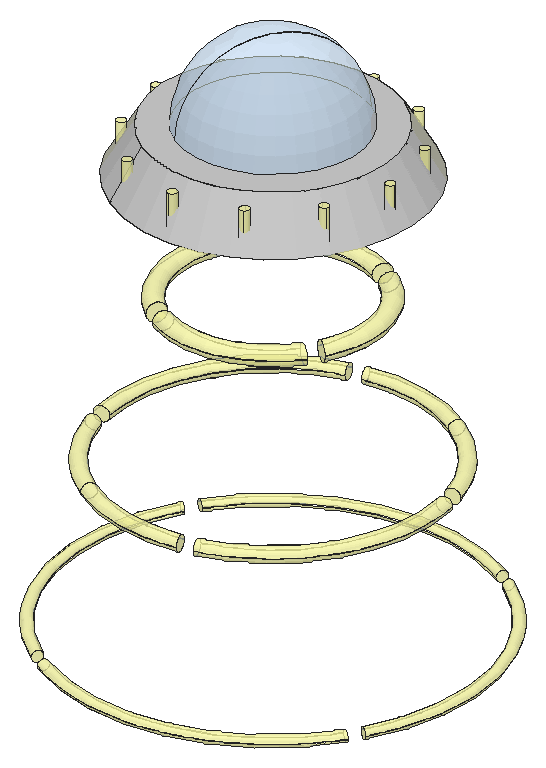
Revit family "UFO", category Generic Models, Revit 2020
Family settings
  Can host rebar = No
  Round Connector Dimension = Use Diameter
  Part Type = Normal
  Work Plane-Based = No
  Always vertical = Yes
  Cut with Voids When Loaded = No
  Shared = No
  Room Calculation Point = No
Parameters (values of type "UFO_main")
  show_beam [instance] = yes
  angle [instance] = 58.00°
  Default Elevation = 0 mm
Reference planes
  plane 1 "Center (Front/Back)": y = 0
  plane 2: z = 0
  plane 3 "Center (Left/Right)": x = 0
Lines and regions (mm)
  reference lines
    curve 1: line (0, 0, 0) -> (1006.847, 1611.291, 0)
Dimensions and locks
  "angle": angle plane 1 "Center (Front/Back)" to curve 1
  aligned and locked: plane 2 to level
  aligned and locked: plane 1 "Center (Front/Back)" to curve 1
  aligned and locked: plane 3 "Center (Left/Right)" to curve 1
Nested families
  nested 1: "UFO_lift" at (0, 0, 0) x (-0.5299, -0.848, 0) z (0.848, -0.5299, 0), show_beam <- "show_beam", type "Family1"
    with show_beam yes
  nested 2: "UFO_unit" at (0, 0, 6000) x (0.5299, 0.848, 0) z (0, 0, 1), type "UFO_unit"
    with show_beam yes
Definition of nested family "UFO_unit"
  Parameters (values of type "UFO_unit")
    show_beam [instance] = yes
    Default Elevation = 0 mm
  Reference planes
    plane 1 "Center (Front/Back)": y = 0
    plane 2: z = 0
    plane 3 "Center (Left/Right)": x = 0
  Forms (mm)
    Blend 1, solid
      base sketch origin (0, 0, 0) x (1, 0, 0) y (0, 1, 0)
        loop
          circle (0, 0) r 1500
      top sketch origin (0, 0, 0) x (1, 0, 0) y (0, 1, 0)
        loop
          circle (0, 0) r 1200
      from 0 to 500
    Revolve 2, solid
      sketch origin (0, 0, 0) x (1, 0, 0) y (0, 0, 1)
        loop
          arc (900, 500) -> (636.396, 1136.396) -> (0, 1400) r 900
          line (0, 1400) -> (0, 500) -> (900, 500)
        axis (0, 1400) -> (0, 500)
      angle from 0 to 360
    Extrusion 3, solid
      sketch origin (-900, 0, 0) x (1, 0, 0) y (0, 1, 0)
        loop
          circle (2234.357, 0) r 50
      from 50 to 400
    Extrusion 4, solid
      sketch origin (-779.423, 450, 0) x (0.866025, -0.5, 0) y (0.5, 0.866025, 0)
        loop
          circle (2234.357, 0) r 50
      from 50 to 400
    Extrusion 5, solid
      sketch origin (-779.423, -450, 0) x (0.866025, 0.5, 0) y (-0.5, 0.866025, 0)
        loop
          circle (2234.357, 0) r 50
      from 50 to 400
    Extrusion 6, solid
      sketch origin (-450, -779.423, 0) x (0.5, 0.866025, 0) y (-0.866025, 0.5, 0)
        loop
          circle (2234.357, 0) r 50
      from 50 to 400
    Extrusion 7, solid
      sketch origin (0, -900, 0) x (0, 1, 0) y (-1, 0, 0)
        loop
          circle (2234.357, 0) r 50
      from 50 to 400
    Extrusion 8, solid
      sketch origin (450, -779.423, 0) x (-0.5, 0.866025, 0) y (-0.866025, -0.5, 0)
        loop
          circle (2234.357, 0) r 50
      from 50 to 400
    Extrusion 9, solid
      sketch origin (779.423, -450, 0) x (-0.866025, 0.5, 0) y (-0.5, -0.866025, 0)
        loop
          circle (2234.357, 0) r 50
      from 50 to 400
    Extrusion 10, solid
      sketch origin (900, 0, 0) x (-1, 0, 0) y (0, -1, 0)
        loop
          circle (2234.357, 0) r 50
      from 50 to 400
    Extrusion 11, solid
      sketch origin (779.423, 450, 0) x (-0.866025, -0.5, 0) y (0.5, -0.866025, 0)
        loop
          circle (2234.357, 0) r 50
      from 50 to 400
    Extrusion 12, solid
      sketch origin (450, 779.423, 0) x (-0.5, -0.866025, 0) y (0.866025, -0.5, 0)
        loop
          circle (2234.357, 0) r 50
      from 50 to 400
    Extrusion 13, solid
      sketch origin (0, 900, 0) x (0, -1, 0) y (1, 0, 0)
        loop
          circle (2234.357, 0) r 50
      from 50 to 400
    Extrusion 14, solid
      sketch origin (-450, 779.423, 0) x (0.5, -0.866025, 0) y (0.866025, 0.5, 0)
        loop
          circle (2234.357, 0) r 50
      from 50 to 400
    Sweep 15, solid, visible <- "show_beam"
      path in 3D
        loop
          arc (-500, 0, 0) -> (0, -500, 0) -> (500, 0, 0) r 500
          arc (500, 0, 0) -> (0, 500, 0) -> (-500, 0, 0) r 500
      profile "profile : DD" origin (0, 500, 0) x (0, -1, 0) y (0, 0, 1)
        loop
          circle (-1629.857, -4421.73) r 60
        loop
          circle (-1183.611, -2822.233) r 80
        loop
          circle (-537.701, -1215.914) r 100
    Extrusion 16, void
      sketch origin (0, 0, 0) x (1, 0, 0) y (0, 1, 0)
        loop
          line (-3806.428, 80) -> (-3806.428, -80) -> (-80, -80) -> (-80, -3806.428) -> (80, -3806.428) -> (80, -80) -> (4573.572, -80) -> (4573.572, 80) -> (80, 80) -> (80, 4573.572) -> (-80, 4573.572) -> (-80, 80) -> (-3806.428, 80)
      from -2322.286 to -536.221
    Extrusion 17, void
      sketch origin (0, 0, 0) x (1, 0, 0) y (0, 1, 0)
        loop
          line (-3806.428, 80) -> (-3806.428, -80) -> (-80, -80) -> (-80, -3806.428) -> (80, -3806.428) -> (80, -80) -> (4573.572, -80) -> (4573.572, 80) -> (80, 80) -> (80, 4573.572) -> (-80, 4573.572) -> (-80, 80) -> (-3806.428, 80)
      from -5455.063 to -3866.147
    Extrusion 18, void
      sketch origin (0, 0, 0) x (0.707107, -0.707107, 0) y (0.707107, 0.707107, 0)
        loop
          line (-3806.428, 80) -> (-3806.428, -80) -> (-80, -80) -> (-80, -3806.428) -> (80, -3806.428) -> (80, -80) -> (4573.572, -80) -> (4573.572, 80) -> (80, 80) -> (80, 4573.572) -> (-80, 4573.572) -> (-80, 80) -> (-3806.428, 80)
      from -3372.62 to -1964.263
  Cuts and joins
    Extrusion 16, Extrusion 17, Extrusion 18 cuts Sweep 15
  Lines and regions (mm)
    reference lines
      curve 1: circle (0, 0, 0) r 500 normal (0, 0, 1)
    sketch lines
      curve 2: circle (0, 0, 0) r 500 normal (0, 0, 1)
  Dimensions and locks
    aligned and locked: plane 2 to level
Definition of nested family "UFO_lift"
  Parameters (values of type "Family1")
    show_beam [instance] = yes
    Default Elevation = 1219.2 mm
  Reference planes
    plane 1 "Center (Front/Back)": y = 0
    plane 2: z = 0
    plane 3 "Center (Left/Right)": x = 0
  Dimensions and locks
    aligned and locked: level to plane 2
  Nested families
    nested 1: "UFO_unit" at (0, -6000, 0) x (-1, 0, 0) z (0, -1, 0), show_beam <- "show_beam", type "UFO_unit"
      with show_beam yes
  Definition of nested family "UFO_unit"
    Parameters (values of type "UFO_unit")
      show_beam [instance] = yes
      Default Elevation = 0 mm
    Reference planes
      plane 1 "Center (Front/Back)": y = 0
      plane 2: z = 0
      plane 3 "Center (Left/Right)": x = 0
    Forms (mm)
      Blend 1, solid
        base sketch origin (0, 0, 0) x (1, 0, 0) y (0, 1, 0)
          loop
            circle (0, 0) r 1500
        top sketch origin (0, 0, 0) x (1, 0, 0) y (0, 1, 0)
          loop
            circle (0, 0) r 1200
        from 0 to 500
      Revolve 2, solid
        sketch origin (0, 0, 0) x (1, 0, 0) y (0, 0, 1)
          loop
            arc (900, 500) -> (636.396, 1136.396) -> (0, 1400) r 900
            line (0, 1400) -> (0, 500) -> (900, 500)
          axis (0, 1400) -> (0, 500)
        angle from 0 to 360
      Extrusion 3, solid
        sketch origin (-900, 0, 0) x (1, 0, 0) y (0, 1, 0)
          loop
            circle (2234.357, 0) r 50
        from 50 to 400
      Extrusion 4, solid
        sketch origin (-779.423, 450, 0) x (0.866025, -0.5, 0) y (0.5, 0.866025, 0)
          loop
            circle (2234.357, 0) r 50
        from 50 to 400
      Extrusion 5, solid
        sketch origin (-779.423, -450, 0) x (0.866025, 0.5, 0) y (-0.5, 0.866025, 0)
          loop
            circle (2234.357, 0) r 50
        from 50 to 400
      Extrusion 6, solid
        sketch origin (-450, -779.423, 0) x (0.5, 0.866025, 0) y (-0.866025, 0.5, 0)
          loop
            circle (2234.357, 0) r 50
        from 50 to 400
      Extrusion 7, solid
        sketch origin (0, -900, 0) x (0, 1, 0) y (-1, 0, 0)
          loop
            circle (2234.357, 0) r 50
        from 50 to 400
      Extrusion 8, solid
        sketch origin (450, -779.423, 0) x (-0.5, 0.866025, 0) y (-0.866025, -0.5, 0)
          loop
            circle (2234.357, 0) r 50
        from 50 to 400
      Extrusion 9, solid
        sketch origin (779.423, -450, 0) x (-0.866025, 0.5, 0) y (-0.5, -0.866025, 0)
          loop
            circle (2234.357, 0) r 50
        from 50 to 400
      Extrusion 10, solid
        sketch origin (900, 0, 0) x (-1, 0, 0) y (0, -1, 0)
          loop
            circle (2234.357, 0) r 50
        from 50 to 400
      Extrusion 11, solid
        sketch origin (779.423, 450, 0) x (-0.866025, -0.5, 0) y (0.5, -0.866025, 0)
          loop
            circle (2234.357, 0) r 50
        from 50 to 400
      Extrusion 12, solid
        sketch origin (450, 779.423, 0) x (-0.5, -0.866025, 0) y (0.866025, -0.5, 0)
          loop
            circle (2234.357, 0) r 50
        from 50 to 400
      Extrusion 13, solid
        sketch origin (0, 900, 0) x (0, -1, 0) y (1, 0, 0)
          loop
            circle (2234.357, 0) r 50
        from 50 to 400
      Extrusion 14, solid
        sketch origin (-450, 779.423, 0) x (0.5, -0.866025, 0) y (0.866025, 0.5, 0)
          loop
            circle (2234.357, 0) r 50
        from 50 to 400
      Sweep 15, solid, visible <- "show_beam"
        path in 3D
          loop
            arc (-500, 0, 0) -> (0, -500, 0) -> (500, 0, 0) r 500
            arc (500, 0, 0) -> (0, 500, 0) -> (-500, 0, 0) r 500
        profile "profile : DD" origin (0, 500, 0) x (0, -1, 0) y (0, 0, 1)
          loop
            circle (-1629.857, -4421.73) r 60
          loop
            circle (-1183.611, -2822.233) r 80
          loop
            circle (-537.701, -1215.914) r 100
      Extrusion 16, void
        sketch origin (0, 0, 0) x (1, 0, 0) y (0, 1, 0)
          loop
            line (-3806.428, 80) -> (-3806.428, -80) -> (-80, -80) -> (-80, -3806.428) -> (80, -3806.428) -> (80, -80) -> (4573.572, -80) -> (4573.572, 80) -> (80, 80) -> (80, 4573.572) -> (-80, 4573.572) -> (-80, 80) -> (-3806.428, 80)
        from -2322.286 to -536.221
      Extrusion 17, void
        sketch origin (0, 0, 0) x (1, 0, 0) y (0, 1, 0)
          loop
            line (-3806.428, 80) -> (-3806.428, -80) -> (-80, -80) -> (-80, -3806.428) -> (80, -3806.428) -> (80, -80) -> (4573.572, -80) -> (4573.572, 80) -> (80, 80) -> (80, 4573.572) -> (-80, 4573.572) -> (-80, 80) -> (-3806.428, 80)
        from -5455.063 to -3866.147
      Extrusion 18, void
        sketch origin (0, 0, 0) x (0.707107, -0.707107, 0) y (0.707107, 0.707107, 0)
          loop
            line (-3806.428, 80) -> (-3806.428, -80) -> (-80, -80) -> (-80, -3806.428) -> (80, -3806.428) -> (80, -80) -> (4573.572, -80) -> (4573.572, 80) -> (80, 80) -> (80, 4573.572) -> (-80, 4573.572) -> (-80, 80) -> (-3806.428, 80)
        from -3372.62 to -1964.263
    Cuts and joins
      Extrusion 16, Extrusion 17, Extrusion 18 cuts Sweep 15
    Lines and regions (mm)
      reference lines
        curve 1: circle (0, 0, 0) r 500 normal (0, 0, 1)
      sketch lines
        curve 2: circle (0, 0, 0) r 500 normal (0, 0, 1)
    Dimensions and locks
      aligned and locked: plane 2 to level
